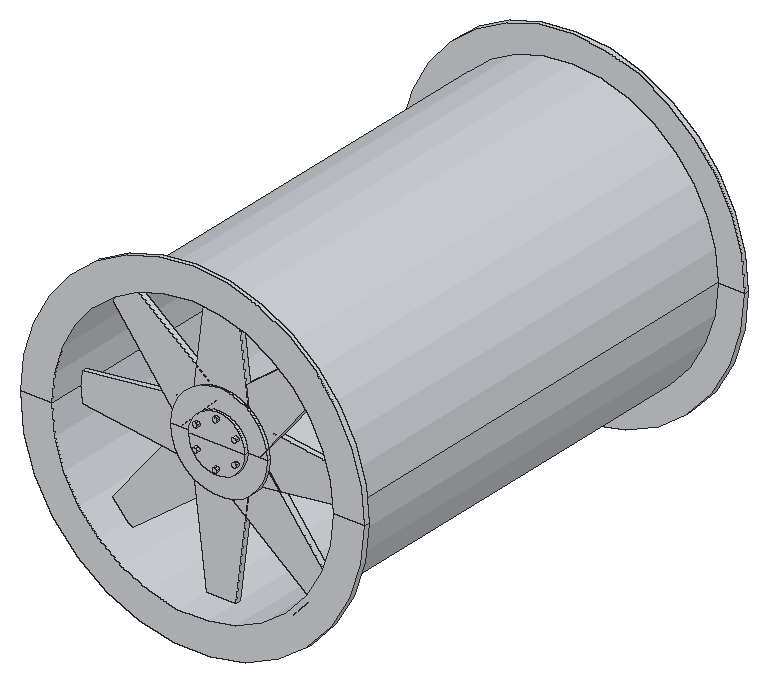
Revit family "CADS_Vent-Axia_MechEquip_Fan_BIFA_315_3Ph2P - EXTRACT", category Mechanical Equipment, Revit 2020
Family settings
  Round Connector Dimension = Use Diameter
  Part Type = Normal
  OmniClass Number = 23.75.00.00
  OmniClass Title = Climate Control (HVAC)
  Work Plane-Based = No
  Always vertical = Yes
  Cut with Voids When Loaded = No
  Shared = No
  Room Calculation Point = No
Parameters (values of type "BIFA313238")
  WorkingPressure = 0.0 Pa
  WarrantyStartDate [instance] = "1900-12-31T23:59:59"
  WarrantyPeriod = ""
  WarrantyIdentifier = "N/A"
  WarrantyGuarantorParts = "tech@vent-axia.com"
  WarrantyGuarantorLabor = "tech@vent-axia.com"
  WarrantyGuarantor = "Vent-Axia Limited"
  WarrantyEndDate [instance] = "1900-12-31T23:59:59"
  WarrantyContent = ""
  TemperatureRange = ""
  TagNumber [instance] = "N/A"
  SustainabilityPerformance = ""
  Status = "New"
  Size = ""
  Shape = ""
  ServiceLifeType = ""
  ServiceLifeDuration = ""
  SerialNumber [instance] = "N/A"
  ReplacementCost = ""
  RatedVoltage = 0 V
  RatedCurrent = 0 A
  Quantity = 1
  ProductionYear = ""
  PressureCurve = ""
  PowerFactor = ""
  PointOfContact = ""
  NumberOfPoles = 0
  NominalWidth = 315 mm
  NominalLength = 535 mm
  NominalHeight = 315 mm
  NominalFrequencyRange = ""
  NominalDiameter = 315 mm
  ModelReference = "BIF 315MM 3PH 2P 38DEG"
  ModelNumber = "BIFA313238"
  Material = ""
  ManufacturerE-Mail = "tech@vent-axia.com"
  ManufacturerAddress = "Fleming Way\nCrawley \nRH10 9YX"
  IsExtendedWarranty = no
  InsulationStandardClass = ""
  InstallationDate [instance] = "1900-12-31T23:59:59"
  IfcExportType [instance] = ""
  IfcExportAs = "IfcFanType"
  IP_Code = ""
  HasProtectiveEarth = no
  GrossWeight = 0.00 kg
  Grade = ""
  GlobalTradeItemNumber [instance] = "N/A"
  Fitting Type = "Ignore"
  Finish = ""
  Features = ""
  ExteriorInsulation = no
  ExpectedServiceLife = 0
  Exclusions = ""
  DurationUnit = "Year"
  Default Elevation = 0 mm
  Constituents = ""
  ConductorFunction = ""
  Color = ""
  CodePerformance = ""
  Category = ""
  CADS_Usage = 0
  CADS_Index = 0
  AssetType = "FIXED"
  AssetIdentifier [instance] = "N/A"
  AssemblyPlace = "UNKNOWN"
  ArticleNumber [instance] = "N/A"
  AirflowRateRange = 0.0 L/s
  Air Flow [instance] = 0.0 L/s
  AccessibilityPerformance = ""
Types (14, lengths in mm): name | ModelReference | ModelNumber
  BIFA313210 | "BIF 315MM 3PH 2P 10DEG" | "BIFA313210"
  BIFA313212 | "BIF 315MM 3PH 2P 12DEG" | "BIFA313212"
  BIFA313214 | "BIF 315MM 3PH 2P 14DEG" | "BIFA313214"
  BIFA313218 | "BIF 315MM 3PH 2P 18DEG" | "BIFA313218"
  BIFA313220 | "BIF 315MM 3PH 2P 20DEG" | "BIFA313220"
  BIFA313222 | "BIF 315MM 3PH 2P 22DEG" | "BIFA313222"
  BIFA313224 | "BIF 315MM 3PH 2P 24DEG" | "BIFA313224"
  BIFA313226 | "BIF 315MM 3PH 2P 26DEG" | "BIFA313226"
  BIFA313228 | "BIF 315MM 3PH 2P 28DEG" | "BIFA313228"
  BIFA313230 | "BIF 315MM 3PH 2P 30DEG" | "BIFA313230"
  BIFA313232 | "BIF 315MM 3PH 2P 32DEG" | "BIFA313232"
  BIFA313234 | "BIF 315MM 3PH 2P 34DEG" | "BIFA313234"
  BIFA313236 | "BIF 315MM 3PH 2P 36DEG" | "BIFA313236"
  BIFA313238 | "BIF 315MM 3PH 2P 38DEG" | "BIFA313238"
Reference planes
  plane 1 "Center (Front/Back)": y = 0
  plane 2: z = 0
  plane 3 "Center (Left/Right)": x = 0
  plane 4: x = -157.5
  plane 5: x = 157.5
  plane 6 "F": y = -267.5
  plane 7 "B": y = 267.5
  plane 8: x = -192.5
  plane 9: y = 262.5
  plane 10: y = -262.5
  plane 11: x = -162.5
  plane 12: y = -227.5
Forms (mm)
  Revolve 1, solid
    sketch origin (0, 0, 0) x (1, 0, 0) y (0, 1, 0)
      loop
        line (-192.5, -267.5) -> (-157.5, -267.5) -> (-157.5, 267.5) -> (-192.5, 267.5) -> (-192.5, 262.5) -> (-162.5, 262.5) -> (-162.5, -262.5) -> (-192.5, -262.5) -> (-192.5, -267.5)
      axis (0, 267.5) -> (0, -267.5)
    angle from 0 to 360
Dimensions and locks
  equal spacing: plane 4, plane 3 "Center (Left/Right)", plane 5
  equal spacing: plane 7 "B", plane 1 "Center (Front/Back)", plane 6 "F"
  "NominalLength": plane 7 "B" to plane 6 "F"
  "NominalDiameter": plane 4 to plane 5
  locked: plane 11 to plane 4 at 5
  locked: plane 8 to plane 11 at 30
  locked: plane 6 "F" to plane 10 at 5
  locked: plane 7 "B" to plane 9 at 5
  locked: plane 6 "F" to plane 12 at 40
  aligned and locked: level to plane 2
  aligned and locked: nested 1 to plane 12
Automatic sketch dimensions
  plane 6 "F" to Revolve 1 sketch curve = 0 mm
  Revolve 1 sketch curve to plane 8 = 0 mm  (x2)
  plane 10 to Revolve 1 sketch curve = 0 mm
  Revolve 1 sketch curve to plane 11 = 0 mm
  Revolve 1 sketch curve to plane 4 = 0 mm
  Revolve 1 sketch curve to plane 3 "Center (Left/Right)" = 0 mm
  plane 1 "Center (Front/Back)" to Revolve 1 sketch curve = 0 mm
  Revolve 1 sketch curve to plane 9 = 0 mm
  Revolve 1 sketch curve to plane 7 "B" = 0 mm
  plane 6 "F" to Revolve 1 sketch curve = 115 mm
Nested families
  nested 1: "Fan for BIFA" at (0, -227.5, 0), ND <- "NominalDiameter", type "Fan for BIFA"
    with hub 31.5 mm, ND 315 mm, BoltPCD 25.2 mm, Bolt Count 6, B_Diam 5 mm
  nested 2: "Bolts" at (21.824, -236.672, -12.6) x (-0.5, 0, -0.866) z (0, 1, 0), type "Bolts"
    with bd 5 mm
  nested 3: "Bolts" at (0, -236.672, -25.2) x (-1, 0, 0) z (0, 1, 0), type "Bolts"
    with bd 5 mm
  nested 4: "Bolts" at (-21.824, -236.672, -12.6) x (-0.5, 0, 0.866) z (0, 1, 0), type "Bolts"
    with bd 5 mm
  nested 5: "Bolts" at (-21.824, -236.672, 12.6) x (0.5, 0, 0.866) z (0, 1, 0), type "Bolts"
    with bd 5 mm
  nested 6: "Bolts" at (21.824, -236.672, 12.6) x (0.5, 0, -0.866) z (0, 1, 0), type "Bolts"
    with bd 5 mm
  nested 7: "Bolts" at (0, -236.672, 25.2) x (1, 0, 0) z (0, 1, 0), type "Bolts"
    with bd 5 mm
  nested 8: "BIFA Blade" at (0, -227.5, 0), type "BIFA Blade"
    with a 20.00°, HR 31.5 mm, HD 63 mm, BT 31.5 mm, BR 126 mm, BH 40 mm, BD 315 mm, BB 63 mm
  nested 9: "BIFA Blade" at (0, -227.5, 0) x (0.7071, 0, -0.7071) z (0.7071, 0, 0.7071), type "BIFA Blade"
    with a 20.00°, HR 31.5 mm, HD 63 mm, BT 31.5 mm, BR 126 mm, BH 40 mm, BD 315 mm, BB 63 mm
  nested 10: "BIFA Blade" at (0, -227.5, 0) x (0, 0, -1) z (1, 0, 0), type "BIFA Blade"
    with a 20.00°, HR 31.5 mm, HD 63 mm, BT 31.5 mm, BR 126 mm, BH 40 mm, BD 315 mm, BB 63 mm
  nested 11: "BIFA Blade" at (0, -227.5, 0) x (-0.7071, 0, -0.7071) z (0.7071, 0, -0.7071), type "BIFA Blade"
    with a 20.00°, HR 31.5 mm, HD 63 mm, BT 31.5 mm, BR 126 mm, BH 40 mm, BD 315 mm, BB 63 mm
  nested 12: "BIFA Blade" at (0, -227.5, 0) x (-1, 0, 0) z (0, 0, -1), type "BIFA Blade"
    with a 20.00°, HR 31.5 mm, HD 63 mm, BT 31.5 mm, BR 126 mm, BH 40 mm, BD 315 mm, BB 63 mm
  nested 13: "BIFA Blade" at (0, -227.5, 0) x (-0.7071, 0, -0.7071) z (-0.7071, 0, 0.7071), type "BIFA Blade"
    with a 20.00°, HR 31.5 mm, HD 63 mm, BT 31.5 mm, BR 126 mm, BH 40 mm, BD 315 mm, BB 63 mm
  nested 14: "BIFA Blade" at (0, -227.5, 0) x (0, 0, -1) z (-1, 0, 0), type "BIFA Blade"
    with a 20.00°, HR 31.5 mm, HD 63 mm, BT 31.5 mm, BR 126 mm, BH 40 mm, BD 315 mm, BB 63 mm
  nested 15: "BIFA Blade" at (0, -227.5, 0) x (0.7071, 0, -0.7071) z (-0.7071, 0, -0.7071), type "BIFA Blade"
    with a 20.00°, HR 31.5 mm, HD 63 mm, BT 31.5 mm, BR 126 mm, BH 40 mm, BD 315 mm, BB 63 mm
Connectors
  hvac at (0, -267.5, 0), driven by "NominalDiameter", driven by "Air Flow"
    settings: on Revolve 1, index 1, duct flow 0.0 L/s, flow factor 0, pres drop 0.0 Pa, loss coef 0, conn angle 0.00°, conn width 304.8 mm, conn height 304.8 mm, conn diameter 315 mm, duct sys type 2, conn prof type 0, flow config 0, flow direction 1, loss method 0, conn ref index -1, conn util no, is conn primary yes, conn desc ""
  hvac at (0, 267.5, 0), driven by "NominalDiameter", driven by "Air Flow"
    settings: on Revolve 1, index 2, duct flow 0.0 L/s, flow factor 0, pres drop 0.0 Pa, loss coef 0, conn angle 0.00°, conn width 304.8 mm, conn height 304.8 mm, conn diameter 315 mm, duct sys type 3, conn prof type 0, flow config 1, flow direction 2, loss method 0, conn ref index -1, conn util no, is conn primary no, conn desc ""
Definition of nested family "Fan for BIFA"
  Parameters (values of type "Fan for BIFA")
    hub [instance] = ND / 10  # 50 mm
    ND [instance] = 500 mm
    Model = "."
    Default Elevation = 0 mm
    BoltPCD [instance] = hub - (hub * 0.2)  # 40 mm
    Bolt Count [instance] = if(hub < 50 mm, 6, 8)  # 8
    B_Diam [instance] = if(hub < 50 mm, 5 mm, 10 mm)  # 10 mm
  Reference planes
    plane 1 "Center (Front/Back)": y = 0
    plane 2: z = 0
    plane 3 "Center (Left/Right)": x = 0
    plane 4 "back": y = 20
    plane 5 "bolts": y = -9.172
    plane 6 "B": z = 50
    plane 7: x = -72.587
    plane 8: x = -50
    plane 9 "hubface": y = -6.172
  Forms (mm)
    Revolve 1, solid
      sketch origin (0, 0, 0) x (1, 0, 0) y (0, 1, 0)
        loop
          line (0, 20) -> (-50, 20) -> (-50, 10.504) -> (-72.587, 10.504) -> (-72.587, -2.597) -> (-50, -2.597) -> (-50, -6.172) -> (0, -6.172) -> (0, 20)
        axis (0, 20) -> (0, -6.172)
      angle from 0 to 360
    Extrusion 2, solid, not visible
      sketch origin (0, -6.347, -4) x (-1, 0, 0) y (0, 0, 1)
        loop
          circle (0, 84) r 5
      from 0 to 3
  Lines and regions (mm)
    symbolic lines
      curve 1: circle (0, -9.172, 0) r 40 normal (0, 1, 0)
    model lines, not visible
      curve 2: line (0, -6.347, 85) -> (0, -6.347, 75)
  Dimensions and locks
    "hub": plane 6 "B" to plane 2
    "hub": nested 3 to plane 3 "Center (Left/Right)"
    "hub": nested 4 to plane 3 "Center (Left/Right)"
    "hub": nested 5 to plane 3 "Center (Left/Right)"
    "hub": plane 3 "Center (Left/Right)" to nested 6
    "hub": Revolve 1 sketch curve to Revolve 1 sketch curve
    "hub": plane 3 "Center (Left/Right)" to nested 7
    "hub": plane 3 "Center (Left/Right)" to nested 8
    "hub": plane 3 "Center (Left/Right)" to nested 9
    "hub": plane 8 to plane 3 "Center (Left/Right)"
    plane 7 to plane 8 = 22.587 mm
    diameter of Extrusion 2 sketch curve = 10 mm
    "BoltPCD": radius of curve 1
    "BoltPCD": radius of radial array
    aligned and locked: level to plane 2
    aligned and locked: plane 6 "B" to nested 1
  Automatic sketch dimensions
    Revolve 1 sketch curve to plane 7 = 0 mm
    Revolve 1 sketch curve to plane 8 = 0 mm  (x2)
    Revolve 1 sketch curve to plane 3 "Center (Left/Right)" = 0 mm
    Revolve 1 sketch curve to plane 9 "hubface" = 0 mm
    plane 4 "back" to Revolve 1 sketch curve = 0 mm
    plane 1 "Center (Front/Back)" to Revolve 1 sketch curve = 2.597 mm
    plane 4 "back" to Revolve 1 sketch curve = 9.496 mm
    plane 4 "back" to Revolve 1 sketch curve = 5 mm
    Revolve 1 sketch curve to Revolve 1 sketch curve = 45 mm
    curve 1 to level = 0 mm
    curve 1 to plane 3 "Center (Left/Right)" = 0 mm
  Nested families
    nested 1: "BIFA Blade" at (0, 0, 25), BD <- "ND", HD <- "hub", type "BIFA Blade"
      with a 20.00°, HR 25 mm, HD 50 mm, BT 25 mm, BR 100 mm, BH 40 mm, BD 250 mm, BB 50 mm
    nested 2: "BIFA Blade" at (0, 0, 55), BD <- "ND", HD <- "hub", type "BIFA Blade", not visible
      with a 20.00°, HR 25 mm, HD 50 mm, BT 25 mm, BR 100 mm, BH 40 mm, BD 250 mm, BB 50 mm
    nested 3: "BIFA Blade" at (17.678, 0, 17.678) x (0.7071, 0, -0.7071) z (0.7071, 0, 0.7071), BD <- "ND", HD <- "hub", type "BIFA Blade"
      with a 20.00°, HR 25 mm, HD 50 mm, BT 25 mm, BR 100 mm, BH 40 mm, BD 250 mm, BB 50 mm
    nested 4: "BIFA Blade" at (25, 0, 0) x (0, 0, -1) z (1, 0, 0), BD <- "ND", HD <- "hub", type "BIFA Blade"
      with a 20.00°, HR 25 mm, HD 50 mm, BT 25 mm, BR 100 mm, BH 40 mm, BD 250 mm, BB 50 mm
    nested 5: "BIFA Blade" at (17.678, 0, -17.678) x (-0.7071, 0, -0.7071) z (0.7071, 0, -0.7071), BD <- "ND", HD <- "hub", type "BIFA Blade"
      with a 20.00°, HR 25 mm, HD 50 mm, BT 25 mm, BR 100 mm, BH 40 mm, BD 250 mm, BB 50 mm
    nested 6: "BIFA Blade" at (0, 0, -25) x (-1, 0, 0) z (0, 0, -1), BD <- "ND", HD <- "hub", type "BIFA Blade"
      with a 20.00°, HR 25 mm, HD 50 mm, BT 25 mm, BR 100 mm, BH 40 mm, BD 250 mm, BB 50 mm
    nested 7: "BIFA Blade" at (-17.678, 0, 17.678) x (-0.7071, 0, -0.7071) z (-0.7071, 0, 0.7071), BD <- "ND", HD <- "hub", type "BIFA Blade"
      with a 20.00°, HR 25 mm, HD 50 mm, BT 25 mm, BR 100 mm, BH 40 mm, BD 250 mm, BB 50 mm
    nested 8: "BIFA Blade" at (-25, 0, 0) x (0, 0, -1) z (-1, 0, 0), BD <- "ND", HD <- "hub", type "BIFA Blade"
      with a 20.00°, HR 25 mm, HD 50 mm, BT 25 mm, BR 100 mm, BH 40 mm, BD 250 mm, BB 50 mm
    nested 9: "BIFA Blade" at (-17.678, 0, -17.678) x (0.7071, 0, -0.7071) z (-0.7071, 0, -0.7071), BD <- "ND", HD <- "hub", type "BIFA Blade"
      with a 20.00°, HR 25 mm, HD 50 mm, BT 25 mm, BR 100 mm, BH 40 mm, BD 250 mm, BB 50 mm
    nested 10: "Bolts" at (0, -9.172, 40) x (1, 0, 0) z (0, 1, 0), bd <- "B_Diam", type "Bolts"
      with bd 10 mm
    nested 11: "Bolts" at (28.284, -9.172, 28.284) x (0.7071, 0, -0.7071) z (0, 1, 0), bd <- "B_Diam", type "Bolts"
      with bd 10 mm
    nested 12: "Bolts" at (-28.284, -9.172, 28.284) x (0.7071, 0, 0.7071) z (0, 1, 0), bd <- "B_Diam", type "Bolts"
      with bd 10 mm
    nested 13: "Bolts" at (-40, -9.172, 0) x (0, 0, 1) z (0, 1, 0), bd <- "B_Diam", type "Bolts"
      with bd 10 mm
    nested 14: "Bolts" at (-28.284, -9.172, -28.284) x (-0.7071, 0, 0.7071) z (0, 1, 0), bd <- "B_Diam", type "Bolts"
      with bd 10 mm
    nested 15: "Bolts" at (0, -9.172, -40) x (-1, 0, 0) z (0, 1, 0), bd <- "B_Diam", type "Bolts"
      with bd 10 mm
    nested 16: "Bolts" at (28.284, -9.172, -28.284) x (-0.7071, 0, -0.7071) z (0, 1, 0), bd <- "B_Diam", type "Bolts"
      with bd 10 mm
    nested 17: "Bolts" at (40, -9.172, 0) x (0, 0, -1) z (0, 1, 0), bd <- "B_Diam", type "Bolts"
      with bd 10 mm
  Definition of nested family "BIFA Blade"
    Parameters (values of type "BIFA Blade")
      a [instance] = 20.00°
      HR [instance] = HD / 2  # 30 mm
      HD [instance] = BD / 5  # 60 mm
      Default Elevation = 1219.2 mm
      BT [instance] = BD / 10  # 30 mm
      BR [instance] = (BD / 2) - HR  # 120 mm
      BH [instance] = 40 mm
      BD [instance] = 300 mm
      BB [instance] = BD / 5  # 60 mm
    Reference planes
      plane 1 "Center (Front/Back)": y = 0
      plane 2: z = 0
      plane 3 "Center (Left/Right)": x = 0
      plane 4 "Blade Bot": z = 30
      plane 5: x = -30
      plane 6: x = 30
      plane 7: x = -15
      plane 8: x = 15
    Forms (mm)
      Blend 1, solid
        base sketch origin (0, 0, 30) x (-1, 0, 0) y (0, -1, 0)
          loop
            line (30, 0) -> (-30, 0) -> (-30, -6) -> (30, -6) -> (30, 0)
        top sketch origin (0, 0, 30) x (-1, 0, 0) y (0, -1, 0)
          loop
            line (15, -6) -> (15, 0) -> (-15, 0) -> (-15, -6) -> (15, -6)
        from 0 to 120 <- "BR"
    Dimensions and locks
      "HR": plane 4 "Blade Bot" to level
      equal spacing: plane 8, plane 3 "Center (Left/Right)", plane 7
      "BT": plane 8 to plane 7
      equal spacing: plane 6, plane 3 "Center (Left/Right)", plane 5
      "BB": plane 6 to plane 5
      aligned and locked: level to plane 2
    Automatic sketch dimensions
      plane 1 "Center (Front/Back)" to Blend 1 sketch curve = 0 mm  (x2)
      Blend 1 sketch curve to plane 6 = 0 mm
      Blend 1 sketch curve to plane 5 = 0 mm
      Blend 1 sketch curve to plane 1 "Center (Front/Back)" = 6 mm  (x2)
      Blend 1 sketch curve to plane 8 = 0 mm
      Blend 1 sketch curve to plane 7 = 0 mm
  Definition of nested family "Bolts"
    Parameters
      bd [instance] = 10 mm
      Default Elevation = 1219.2 mm
    Reference planes
      plane 1 "Center (Front/Back)": y = 0
      plane 2: z = 0
      plane 3 "Center (Left/Right)": x = 0
    Forms (mm)
      Extrusion 1, solid
        sketch origin (0, 0, 0) x (1, 0, 0) y (0, 1, 0)
          loop
            line (-1219.2, 1219.2) -> (-1219.2, -1219.2) -> (1219.2, -1219.2) -> (1219.2, 1219.2) -> (-1219.2, 1219.2)
        from 0 to -304.8
      Extrusion 2, solid
        sketch origin (0, 0, 0) x (1, 0, 0) y (0, 1, 0)
          loop
            circle (0, 0) r 5
        from 0 to 3
    Dimensions and locks
      "bd": diameter of Extrusion 2 sketch curve
      aligned and locked: plane 2 to Extrusion 1
      aligned and locked: level to Extrusion 1
    Automatic sketch dimensions
      Extrusion 1 sketch curve to Extrusion 1 sketch curve = 2438.4 mm  (x2)
      plane 1 "Center (Front/Back)" to Extrusion 2 sketch curve = 0 mm
      Extrusion 2 sketch curve to plane 3 "Center (Left/Right)" = 0 mm
Definition of nested family "Bolts"
  Parameters
    bd [instance] = 10 mm
    Default Elevation = 1219.2 mm
  Reference planes
    plane 1 "Center (Front/Back)": y = 0
    plane 2: z = 0
    plane 3 "Center (Left/Right)": x = 0
  Forms (mm)
    Extrusion 1, solid
      sketch origin (0, 0, 0) x (1, 0, 0) y (0, 1, 0)
        loop
          line (-1219.2, 1219.2) -> (-1219.2, -1219.2) -> (1219.2, -1219.2) -> (1219.2, 1219.2) -> (-1219.2, 1219.2)
      from 0 to -304.8
    Extrusion 2, solid
      sketch origin (0, 0, 0) x (1, 0, 0) y (0, 1, 0)
        loop
          circle (0, 0) r 5
      from 0 to 3
  Dimensions and locks
    "bd": diameter of Extrusion 2 sketch curve
    aligned and locked: plane 2 to Extrusion 1
    aligned and locked: level to Extrusion 1
  Automatic sketch dimensions
    Extrusion 1 sketch curve to Extrusion 1 sketch curve = 2438.4 mm  (x2)
    plane 1 "Center (Front/Back)" to Extrusion 2 sketch curve = 0 mm
    Extrusion 2 sketch curve to plane 3 "Center (Left/Right)" = 0 mm
Definition of nested family "BIFA Blade"
  Parameters (values of type "BIFA Blade")
    a [instance] = 20.00°
    HR [instance] = HD / 2  # 30 mm
    HD [instance] = BD / 5  # 60 mm
    Default Elevation = 1219.2 mm
    BT [instance] = BD / 10  # 30 mm
    BR [instance] = (BD / 2) - HR  # 120 mm
    BH [instance] = 40 mm
    BD [instance] = 300 mm
    BB [instance] = BD / 5  # 60 mm
  Reference planes
    plane 1 "Center (Front/Back)": y = 0
    plane 2: z = 0
    plane 3 "Center (Left/Right)": x = 0
    plane 4 "Blade Bot": z = 30
    plane 5: x = -30
    plane 6: x = 30
    plane 7: x = -15
    plane 8: x = 15
  Forms (mm)
    Blend 1, solid
      base sketch origin (0, 0, 30) x (-1, 0, 0) y (0, -1, 0)
        loop
          line (30, 0) -> (-30, 0) -> (-30, -6) -> (30, -6) -> (30, 0)
      top sketch origin (0, 0, 30) x (-1, 0, 0) y (0, -1, 0)
        loop
          line (15, -6) -> (15, 0) -> (-15, 0) -> (-15, -6) -> (15, -6)
      from 0 to 120 <- "BR"
  Dimensions and locks
    "HR": plane 4 "Blade Bot" to level
    equal spacing: plane 8, plane 3 "Center (Left/Right)", plane 7
    "BT": plane 8 to plane 7
    equal spacing: plane 6, plane 3 "Center (Left/Right)", plane 5
    "BB": plane 6 to plane 5
    aligned and locked: level to plane 2
  Automatic sketch dimensions
    plane 1 "Center (Front/Back)" to Blend 1 sketch curve = 0 mm  (x2)
    Blend 1 sketch curve to plane 6 = 0 mm
    Blend 1 sketch curve to plane 5 = 0 mm
    Blend 1 sketch curve to plane 1 "Center (Front/Back)" = 6 mm  (x2)
    Blend 1 sketch curve to plane 8 = 0 mm
    Blend 1 sketch curve to plane 7 = 0 mm
